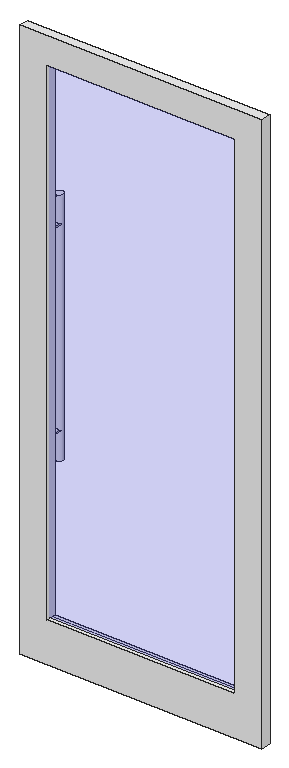
Revit family "Doors_Sgl_Glass_1", category Doors, Revit 2016
Family settings
  Always vertical = Yes
  Cut with Voids When Loaded = No
  Shared = No
  Room Calculation Point = No
Parameters (values of type "Glass_Panel-12mm_Thickness")
  Visual Light Transmittance = 0.9
  Stile Top Rail = 100.00 mm
  Stile Shutting = 100.00 mm
  Stile Hanging = 100.00 mm
  Stile Bottom Rail = 150.00 mm
  Solar Heat Gain Coefficient = 0.78
  Offset = 50.00 mm
  Construction Type Id = "GSP4R"
  Material Ironmongery = Metal - Aluminum
  Material Frame = Metal - Aluminum
  Keynote = "H11"
  Heat Transfer Coefficient (U) = 3.6886 W/(m²·K)
  Handle X Distance = 75.00 mm
  Glazing Thickness = 12.00 mm
  Material Glass = Glass
  Function = Interior
  Analytic Construction = "1/8 in Pilkington single glazing"
Reference planes
  plane 1: y = 0
  plane 2: z = 0
  plane 3: x = 539.723
  plane 4: x = 82.523
  plane 5: x = 996.923
  plane 6: z = 2133.6
  plane 7: y = 50
  plane 8: z = 750
  plane 9: z = 1450
  plane 10: x = 157.523
  plane 11: z = 1550
  plane 12: z = 650
  plane 13: x = 896.923
  plane 14: x = 182.523
  plane 15: z = 2033.6
  plane 16: z = 150
Forms (mm)
  Extrusion 1, solid, material "Glass" <- "Material Glass"
    sketch origin (0, 0, 0) x (1, 0, 0) y (0, 1, 0)
      loop
        line (182.523, 50) -> (182.523, 38) -> (896.923, 38) -> (896.923, 50) -> (182.523, 50)
    from 150 to 2033.6
  Extrusion 2, solid, material "Metal - Aluminum" <- "Material Frame"
    sketch origin (0, 50, 0) x (1, 0, 0) y (0, 0, 1)
      loop
        line (996.923, 0) -> (996.923, 2133.6) -> (82.523, 2133.6) -> (82.523, 0) -> (996.923, 0)
      loop
        line (182.523, 2033.6) -> (182.523, 150) -> (896.923, 150) -> (896.923, 2033.6) -> (182.523, 2033.6)
    from -13 to 25
  Extrusion 3, solid, material "Metal - Aluminum" <- "Material Ironmongery"
    sketch origin (0, 63, 0) x (-1, 0, 0) y (0, 0, 1)
      loop
        circle (-157.523, 1450) r 8
      loop
        circle (-157.523, 750) r 8
    from 0 to 53
  Extrusion 4, solid, material "Metal - Aluminum" <- "Material Ironmongery"
    sketch origin (0, 0, 650) x (0, 1, 0) y (1, 0, 0)
      loop
        circle (116, 157.523) r 15
    from 0 to -900
Lines and regions (mm)
  symbolic lines, style "DoorsPanelProjection"
    curve 1: line (996.923, 50, 0) -> (996.923, 964.4, 0)
  symbolic lines, style "Elevation Swing"
    curve 2: line (82.523, 50, 2133.6) -> (996.923, 50, 1066.8)
    curve 3: line (996.923, 50, 1066.8) -> (82.523, 50, 0)
  symbolic lines, style "Plan Swing"
    curve 4: arc (82.523, 50, 0) -> (350.345, 696.578, 0) -> (996.923, 964.4, 0) r 914.4
Text (mm)
  text "Exterior" at (-272.061, 797.241, 0), in view "Base Line"
Dimensions and locks
  equal spacing: plane 4, plane 3, plane 5
  "Offset": plane 1 to plane 7
  equal spacing: plane 2, curve 3, plane 6
  level to plane 8 to plane 9 = 750.00 mm, 700.00 mm
  "Glazing Thickness": Extrusion 1 to Extrusion 1
  locked: Extrusion 2 to plane 7 at 13
  locked: Extrusion 2 to Extrusion 1 at 13
  "Handle X Distance": plane 4 to plane 10
  "Stile Bottom Rail": level to plane 16
  "Stile Hanging": plane 13 to plane 5
  "Stile Shutting": plane 4 to plane 14
  "Stile Top Rail": plane 15 to plane 6
  aligned and locked: Extrusion 4 to plane 11
  aligned and locked: plane 16 to Extrusion 2 sketch curve
  aligned and locked: plane 14 to Extrusion 2 sketch curve
  aligned and locked: Extrusion 2 sketch curve to plane 15
  aligned and locked: Extrusion 1 to plane 15
  aligned and locked: plane 16 to Extrusion 1
  aligned and locked: plane 13 to Extrusion 1 sketch curve
Automatic sketch dimensions
  curve 4 to plane 4 = 0.00 mm
  curve 4 to plane 5 = 0.00 mm
  curve 4 to plane 7 = 0.00 mm
  curve 2 to plane 4 = 0.00 mm
  curve 2 to plane 6 = 0.00 mm
  curve 3 to level = 0.00 mm
  curve 3 to plane 4 = 0.00 mm
  curve 3 to plane 5 = 0.00 mm
  Extrusion 1 sketch curve to plane 7 = 0.00 mm
  Extrusion 1 sketch curve to Extrusion 1 sketch curve = 12.00 mm
  curve 1 to plane 7 = 0.00 mm
  Extrusion 2 sketch curve to level = 0.00 mm
  Extrusion 2 sketch curve to plane 4 = 0.00 mm
  Extrusion 2 sketch curve to plane 6 = 0.00 mm
  Extrusion 2 sketch curve to plane 5 = 0.00 mm
  plane 10 to Extrusion 1 sketch curve = 25.00 mm
  Extrusion 3 sketch curve to plane 8 = 0.00 mm
  Extrusion 3 sketch curve to plane 10 = 0.00 mm  (x2)
  Extrusion 3 sketch curve to plane 9 = 0.00 mm
  Extrusion 4 sketch curve to plane 10 = 0.00 mm
  Extrusion 4 sketch curve to plane 7 = 66.00 mm
  Extrusion 2 sketch curve to plane 13 = 0.00 mm
  radius of Extrusion 3 sketch curve = 8.00 mm  (x2)
  radius of Extrusion 4 sketch curve = 15.00 mm
